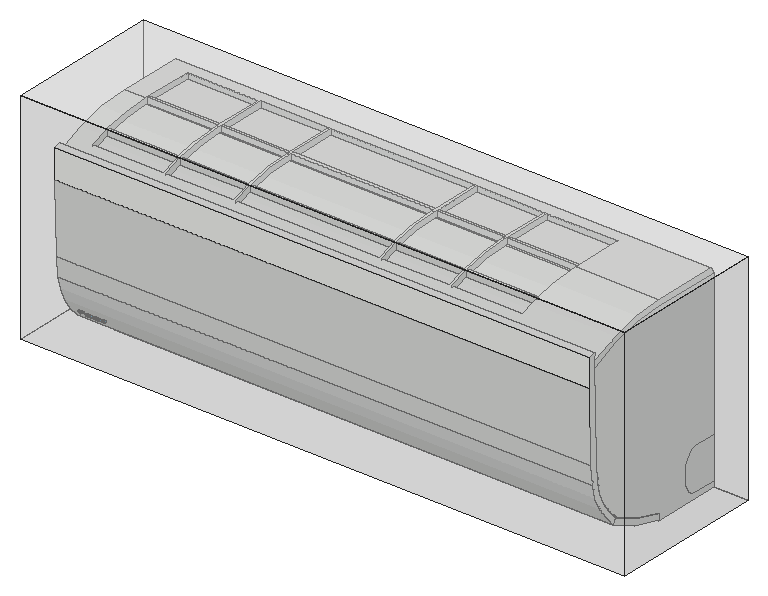
Revit family "outputfile", category 機械設備, Revit 2024 (continued)
Definition of nested family "DAIKIN_indoorunit_FTKF-T2VMA"
  Automatic sketch dimensions
    Extrusion 22 sketch curve to plane 1 "Center (Front/Back)" = 0.0 mm
    Extrusion 22 sketch curve to Extrusion 22 sketch curve = 20.0 mm  (x2)
    Extrusion 22 sketch curve to level = 287.035 mm
    Extrusion 23 sketch curve to plane 1 "Center (Front/Back)" = 0.0 mm
    Extrusion 23 sketch curve to Extrusion 23 sketch curve = 20.0 mm  (x2)
    Extrusion 23 sketch curve to level = 287.035 mm
    plane 1 "Center (Front/Back)" to Extrusion 24 sketch curve = 0.0 mm  (x2)
    plane 3 "Center (Left/Right)" to Extrusion 24 sketch curve = 469.0 mm
    Extrusion 24 sketch curve to Extrusion 24 sketch curve = 20.0 mm  (x4)
    Extrusion 24 sketch curve to plane 3 "Center (Left/Right)" = 409.0 mm
  Nested families
    nested 1: "daikin_logo_plane_w40" at (-320, -198.871, -233.244) x (1, 0, 0) z (0, -0.7841, -0.6206), visible <- "switch_unit1_20-50", type "daikin_logo_plane_w40"
      with show_logo yes
    nested 2: "daikin_logo_plane_w40" at (-430, -237.74, -233.244) x (1, 0, 0) z (0, -0.7841, -0.6206), visible <- "switch_unit1_60-71", type "daikin_logo_plane_w40"
      with show_logo yes
  Definition of nested family "daikin_logo_plane_w40"
    Parameters (values of type "daikin_logo_plane_w40")
      width = 40.0 mm
      show_logo [instance] = yes
      material = none
      height = 0.0 mm
      depth = 0.0 mm
      Default Elevation = 1219.2 mm
    Reference planes
      plane 1 "Center (Front/Back)": y = 0
      plane 2: z = 0
      plane 3 "Center (Left/Right)": x = 0
      plane 4: z = 2
      plane 5 "left": x = -19
      plane 6: x = 19
    Forms (mm)
      Extrusion 1, solid, visible <- "show_logo"
        sketch origin (-19, 0, 0) x (1, 0, 0) y (0, 1, 0)
          loop
            line (8.902, -1.878) -> (7.789, -6.332) -> (11.13, -6.332)
            arc (11.13, -6.332) -> (12.454, -6.064) -> (13.472, -5.176) r 2.642
            arc (13.472, -5.176) -> (13.92, -4.02) -> (13.767, -2.79) r 2.537
            arc (13.767, -2.79) -> (13.452, -2.342) -> (12.982, -2.06) r 1.321
            arc (12.982, -2.06) -> (12.063, -1.902) -> (11.13, -1.878) r 6.479
            line (11.13, -1.878) -> (8.902, -1.878)
          loop
            line (10.016, -5.441) -> (10.907, -5.441)
            arc (10.907, -5.441) -> (11.591, -4.983) -> (11.988, -4.261) r 1.742
            spline (11.988, -4.261) -> (12.01, -4.155) -> (12.027, -4.03) -> (12.037, -3.893) -> (12.037, -3.747) -> (12.026, -3.598) -> (12.002, -3.451) -> (11.962, -3.31) -> (11.905, -3.181) -> (11.829, -3.069) -> (11.731, -2.978) -> (11.61, -2.913) -> (11.464, -2.88)
            line (11.464, -2.88) -> (10.573, -2.88) -> (10.016, -5.441)
          loop
            line (13.58, -6.332) -> (14.805, -6.332) -> (15.223, -5.553) -> (16.977, -5.553) -> (17.144, -6.332) -> (19.149, -6.332) -> (18.258, -1.878) -> (16.03, -1.878) -> (13.58, -6.332)
          loop
            line (16.476, -3.214) -> (15.76, -4.551) -> (16.762, -4.551) -> (16.476, -3.214)
          loop
            line (19.705, -6.332) -> (21.599, -6.332) -> (22.712, -1.878) -> (20.819, -1.878) -> (19.705, -6.332)
          loop
            line (22.712, -6.332) -> (24.606, -6.332) -> (24.908, -5.122) -> (25.831, -6.332) -> (28.17, -6.332) -> (26.388, -3.994) -> (28.949, -1.878) -> (26.945, -1.878) -> (25.401, -3.153) -> (25.719, -1.878) -> (23.826, -1.878) -> (22.712, -6.332)
          loop
            line (29.84, -1.878) -> (28.615, -6.332) -> (30.62, -6.332) -> (31.734, -1.878) -> (29.84, -1.878)
          loop
            line (31.734, -6.332) -> (33.07, -6.332) -> (33.7, -3.814) -> (34.518, -6.332) -> (36.745, -6.332) -> (37.859, -1.878) -> (36.523, -1.878) -> (35.845, -4.589) -> (34.963, -1.878) -> (32.847, -1.878) -> (31.734, -6.332)
        from 0 to 2
      Extrusion 2, solid, visible <- "show_logo"
        sketch origin (-19, 0, 0) x (1, 0, 0) y (0, 1, 0)
          loop
            line (8.7, 0) -> (4.235, 0) -> (0, -3.879) -> (0, -8) -> (8.7, 0)
        from 0 to 2
      Extrusion 3, solid, visible <- "show_logo"
        sketch origin (-19, 0, 0) x (1, 0, 0) y (0, 1, 0)
          loop
            line (0, 0) -> (0, -3.879) -> (4.235, 0) -> (0, 0)
        from 0 to 2
    Dimensions and locks
      plane 4 to plane 2 = 2.0 mm
      equal spacing: plane 5 "left", plane 3 "Center (Left/Right)", plane 6
      locked: plane 5 "left" to plane 6 at 38
      aligned and locked: level to plane 2
      aligned and locked: Extrusion 3 to plane 1 "Center (Front/Back)"  (x2)
      aligned and locked: Extrusion 2 to plane 1 "Center (Front/Back)"  (x2)
      aligned and locked: plane 4 to Extrusion 1
      aligned and locked: plane 4 to Extrusion 3
      aligned and locked: plane 4 to Extrusion 2
      aligned and locked: Extrusion 3 to plane 5 "left"
      aligned and locked: Extrusion 2 to plane 5 "left"
    Automatic sketch dimensions
      Extrusion 1 sketch curve to Extrusion 1 sketch curve = 0.901 mm
      Extrusion 1 sketch curve to Extrusion 1 sketch curve = 1.559 mm
      Extrusion 1 sketch curve to Extrusion 1 sketch curve = 1.327 mm
      Extrusion 1 sketch curve to Extrusion 1 sketch curve = 2.145 mm
      Extrusion 1 sketch curve to Extrusion 1 sketch curve = 1.448 mm
      Extrusion 1 sketch curve to Extrusion 1 sketch curve = 2.116 mm
      Extrusion 1 sketch curve to Extrusion 1 sketch curve = 1.114 mm  (x4)
      Extrusion 1 sketch curve to Extrusion 1 sketch curve = 1.336 mm  (x2)
      plane 1 "Center (Front/Back)" to Extrusion 1 sketch curve = 1.878 mm  (x5)
      Extrusion 1 sketch curve to Extrusion 1 sketch curve = 1.893 mm  (x5)
      Extrusion 1 sketch curve to Extrusion 1 sketch curve = 0.891 mm  (x4)
      Extrusion 1 sketch curve to Extrusion 1 sketch curve = 2.005 mm  (x3)
      Extrusion 1 sketch curve to Extrusion 1 sketch curve = 0.445 mm  (x2)
      plane 1 "Center (Front/Back)" to Extrusion 1 sketch curve = 3.994 mm
      Extrusion 1 sketch curve to Extrusion 1 sketch curve = 0.557 mm  (x2)
      Extrusion 1 sketch curve to Extrusion 1 sketch curve = 2.339 mm  (x2)
      Extrusion 1 sketch curve to Extrusion 1 sketch curve = 1.225 mm  (x3)
      plane 1 "Center (Front/Back)" to Extrusion 1 sketch curve = 3.153 mm
      Extrusion 1 sketch curve to Extrusion 1 sketch curve = 0.987 mm
      plane 1 "Center (Front/Back)" to Extrusion 1 sketch curve = 5.122 mm
      Extrusion 1 sketch curve to Extrusion 1 sketch curve = 0.922 mm
      plane 1 "Center (Front/Back)" to Extrusion 1 sketch curve = 6.332 mm
      Extrusion 1 sketch curve to Extrusion 1 sketch curve = 2.562 mm
      plane 1 "Center (Front/Back)" to Extrusion 1 sketch curve = 5.553 mm
      Extrusion 1 sketch curve to Extrusion 1 sketch curve = 0.167 mm
      Extrusion 1 sketch curve to Extrusion 1 sketch curve = 0.215 mm
      plane 1 "Center (Front/Back)" to Extrusion 1 sketch curve = 3.214 mm
      Extrusion 1 sketch curve to Extrusion 1 sketch curve = 0.286 mm
      plane 1 "Center (Front/Back)" to Extrusion 1 sketch curve = 4.551 mm
      Extrusion 1 sketch curve to Extrusion 1 sketch curve = 1.002 mm
      Extrusion 1 sketch curve to Extrusion 1 sketch curve = 0.537 mm
      Extrusion 1 sketch curve to Extrusion 1 sketch curve = 0.418 mm
      Extrusion 1 sketch curve to Extrusion 1 sketch curve = 1.028 mm
      plane 1 "Center (Front/Back)" to Extrusion 1 sketch curve = 4.261 mm
      Extrusion 1 sketch curve to Extrusion 1 sketch curve = 0.563 mm
      plane 1 "Center (Front/Back)" to Extrusion 1 sketch curve = 2.88 mm
      Extrusion 1 sketch curve to Extrusion 1 sketch curve = 1.088 mm
      Extrusion 1 sketch curve to Extrusion 1 sketch curve = 2.152 mm
      Extrusion 1 sketch curve to Extrusion 1 sketch curve = 0.586 mm
      Extrusion 1 sketch curve to Extrusion 1 sketch curve = 0.118 mm
      Extrusion 1 sketch curve to Extrusion 1 sketch curve = 0.298 mm
      Extrusion 1 sketch curve to Extrusion 1 sketch curve = 0.334 mm
      Extrusion 1 sketch curve to Extrusion 1 sketch curve = 0.223 mm
      Extrusion 1 sketch curve to Extrusion 1 sketch curve = 0.266 mm
      Extrusion 1 sketch curve to Extrusion 1 sketch curve = 1.671 mm
      Extrusion 1 sketch curve to Extrusion 1 sketch curve = 2.227 mm
      Extrusion 1 sketch curve to Extrusion 1 sketch curve = 0.0 mm  (x7)
      Extrusion 1 sketch curve to Extrusion 1 sketch curve = 3.453 mm
      Extrusion 1 sketch curve to Extrusion 1 sketch curve = 2.017 mm
      Extrusion 1 sketch curve to Extrusion 1 sketch curve = 0.78 mm  (x2)
      Extrusion 1 sketch curve to Extrusion 1 sketch curve = 1.743 mm
      Extrusion 1 sketch curve to Extrusion 1 sketch curve = 0.775 mm
      Extrusion 1 sketch curve to Extrusion 1 sketch curve = 0.552 mm
      Extrusion 1 sketch curve to Extrusion 1 sketch curve = 0.014 mm
      Extrusion 1 sketch curve to Extrusion 1 sketch curve = 0.952 mm
      Extrusion 1 sketch curve to Extrusion 1 sketch curve = 1.215 mm
      Extrusion 1 sketch curve to Extrusion 1 sketch curve = 0.108 mm
      plane 1 "Center (Front/Back)" to Extrusion 2 sketch curve = 0.0 mm
      Extrusion 2 sketch curve to plane 3 "Center (Left/Right)" = 19.0 mm
      Extrusion 2 sketch curve to plane 3 "Center (Left/Right)" = 14.765 mm
      Extrusion 2 sketch curve to Extrusion 2 sketch curve = 4.465 mm
      plane 1 "Center (Front/Back)" to Extrusion 2 sketch curve = 3.879 mm
      Extrusion 2 sketch curve to Extrusion 2 sketch curve = 4.12 mm
      plane 1 "Center (Front/Back)" to Extrusion 3 sketch curve = 0.0 mm
      Extrusion 3 sketch curve to plane 3 "Center (Left/Right)" = 19.0 mm
      Extrusion 3 sketch curve to plane 3 "Center (Left/Right)" = 14.765 mm
      plane 1 "Center (Front/Back)" to Extrusion 3 sketch curve = 3.879 mm
      Extrusion 1 sketch curve to plane 3 "Center (Left/Right)" = 11.211 mm
      Extrusion 1 sketch curve to Extrusion 1 sketch curve = 1.782 mm
Definition of nested family "daikin_connector_rotate3"
  Parameters (values of type "daikin_connector_rotate3")
    show [instance] = yes
    radius [instance] = 10.0 mm
    length [instance] = 600.0 mm
    angle_horizontal [instance] = 60.00°
    angle_vertical [instance] = 90.00°
    Default Elevation = 1219.2 mm
  Reference planes
    plane 1 "Center (Front/Back)": y = 0
    plane 2: z = 0
    plane 3 "Center (Left/Right)": x = 0
  Dimensions and locks
    "angle_horizontal": angle plane 3 "Center (Left/Right)" to nested 1
    aligned and locked: level to plane 2
    aligned and locked: plane 1 "Center (Front/Back)" to nested 1  (x2)
    aligned and locked: plane 3 "Center (Left/Right)" to nested 1
  Nested families
    nested 1: "daikin_connector_rotate2" at (0, 0, 0) x (0.5, 0.866, 0) z (0, 0, 1), angle_vertical <- "angle_vertical", length <- "length", radius <- "radius", type "daikin_connector_rotate2"
      with radius 10.0 mm, length 600.0 mm, angle_vertical 90.00°
  Definition of nested family "daikin_connector_rotate2"
    Parameters (values of type "daikin_connector_rotate2")
      show_face = yes
      radius [instance] = 10.0 mm
      length [instance] = 600.0 mm
      d_surface = 10.0 mm
      angle_vertical [instance] = 90.00°
      Default Elevation = 0.0 mm
    Reference planes
      plane 1 "Center (Front/Back)": y = 0
      plane 2: z = 0
      plane 3 "Center (Left/Right)": x = 0
    Forms (mm)
      Extrusion 1, solid, visible <- "show_face"
        sketch origin (0, -600, 0) x (1, 0, 0) y (0, 0, 1)
          loop
            circle (0, 0) r 10
        from 0 to -10
    Lines and regions (mm)
      reference lines
        curve 1: line (0, 0, 0) -> (0, -600, 0)
      symbolic lines
        curve 2: circle (0, 0, 0) r 5 normal (0, 0, 1)
      model lines, visible <- "show_face"
        curve 3: line (0, 0, 0) -> (0, -600, 0)
    Dimensions and locks
      "length": curve 1 to curve 1
      "length": curve 3 to curve 3
      "d_surface": Extrusion 1 to Extrusion 1
      "radius": radius of Extrusion 1 sketch curve
      "angle_vertical": angle curve 1 to plane 1 "Center (Front/Back)"
      "angle_vertical": angle curve 3 to plane 1 "Center (Front/Back)"
      aligned and locked: level to plane 2
      aligned and locked: plane 1 "Center (Front/Back)" to curve 1
      aligned and locked: plane 2 to curve 1
      aligned and locked: plane 1 "Center (Front/Back)" to curve 2
      aligned and locked: plane 3 "Center (Left/Right)" to curve 2
      aligned and locked: plane 1 "Center (Front/Back)" to curve 3
      aligned and locked: plane 2 to curve 3
      aligned and locked: Extrusion 1 to Extrusion 1
    Automatic sketch dimensions
      Extrusion 1 sketch curve to level = 0.0 mm
      Extrusion 1 sketch curve to plane 3 "Center (Left/Right)" = 0.0 mm
      radius of curve 2 = 5.0 mm
